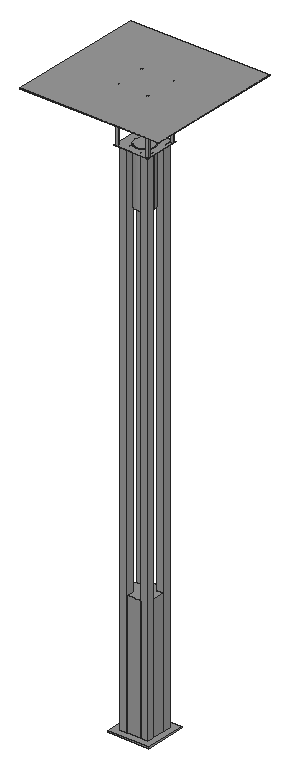
Revit family "svetilnik_alfresco_solyaris-5", category Осветительные приборы, Revit 2016
Family settings
  Тип детали = Нормальный
  Размер круглого соединителя = Использовать диаметр
  На основе рабочей плоскости = Нет
  Всегда вертикально = Да
  При загрузке вырезать с полостями = Нет
  Источник света = Да
  Общий = Нет
  Точка расчета площади = Нет
Parameters (values of type "Солярис-5-LED9-70Вт")
  Watermarked By = ""
  built-in parameter 1150104 = 8.3613 (stored number, unit not read)
  Цветовая температура = "4000"  # constant formula
  built-in parameter 1150134 = 12
  Файл фотометрической сетки = "прожектор для Солярис 5 LED 10W.ies"
  Угол наклона = 90.00°
  Тип светильника = Солярис5 : 70Вт
  Тип продукции = "Уличный светильник"  # constant formula
  Тип ПРА = "ЭМПРА"  # constant formula
  Тип КСС = "Sym"  # constant formula
  Тип ИС = "МГЛ-лампа"  # constant formula
  Температура эксплуатации = "-35 +40"  # constant formula
  built-in parameter 1150137 = (empty or 0)
  built-in parameter 1150132 = (empty or 0)
  built-in parameter 1150114 = 1 (stored number, unit not read)
  Dimming Lamp Color Temperature Shift = (empty or 0)
  built-in parameter 1150105 = 4827 (stored number, unit not read)
  Color Filter = 16777215
  Lumens = 900 lm
  Световой поток = 6300 lm
  Разработано = "support@bimlib.ru"  # constant formula
  built-in parameter 1150109 = 1 (stored number, unit not read)
  built-in parameter 1150112 = 1 (stored number, unit not read)
  built-in parameter 1150110 = 1 (stored number, unit not read)
  built-in parameter 1150113 = 1 (stored number, unit not read)
  built-in parameter 1150115 = 1 (stored number, unit not read)
  built-in parameter 1114218 = 1 (stored number, unit not read)
  built-in parameter 1114217 = 1 (stored number, unit not read)
  Apparent Load = ADSK_Номинальная мощность / ADSK_Коэффициент мощности  # 72.1649 VA
  built-in parameter 1150106 = 48.27 (stored number, unit not read)
  Область использования = "Ландшафт, коттедж.поселки,микрорайоны,АЗС, автостоянки"  # constant formula
  built-in parameter 1150142 = "IESNA:LM-63-1995\r\n[TEST] 1\r\n[MANUFAC] Alfresco\r\n[LUMCAT] Солярис 5\r\n[LUMINAIRE]  LED 10W\r\nTILT=NONE\r\n1 765 1 37 1 1 2 0.15 0.15 0.15\r\n1.00 1.00 9\r\n0.00 5.00 10.00 15.00 20.00 25.00 30.00 35.00 40.00 45.00 \r\n50.00 55.00 60.00 65.00 70.00 75.00 80.00 85.00 90.00 \r\n95.00 100.00 105.00 110.00 115.00 120.00 125.00 130.00 \r\n135.00 140.00 145.00 150.00 155.00 160.00 165.00 170.00 \r\n175.00 180.00 \r\n0.00 \r\n4102.92 4044.33 3619.28 2941.46 2186.13 1547.65 1106.62 \r\n814.20 596.26 443.43 304.92 163.37 61.49 28.47 13.52 6.89 \r\n3.07 0.99 0.00 0.00 0.00 0.00 0.00 0.00 0.00 0.00 0.00 \r\n0.00 0.00 0.00 0.00 0.00 0.00 0.00 0.00 0.00 0.00 \r\n"
  built-in parameter 1150133 = 10 (stored number, unit not read)
  Wattage = 10 W
  built-in parameter 1150139 = (empty or 0)
  Климатическая зона = "У1"  # constant formula
  Класс пожароопасности = "F (светильники предназначены для установки непосредственно на поверхность из нормально воспламеняемых матеоиалов)"  # constant formula
  Класс Защиты = "1"  # constant formula
  built-in parameter 1150138 = (empty or 0)
  built-in parameter 1150107 = 4000 (stored number, unit not read)
  built-in parameter 1150102 = (empty or 0)
  Emit from Circle Diameter = 120.00 mm
  Изготовитель = "ALFRESCO"  # constant formula
  Видимая форма излучения при визуализации = no
  Блок аварийного питания = no
  URL = "http://www.allfresco.ru/item/103"
  IP Class = "IP 54"  # constant formula
  ADSK_Энергоэффективность = 90 lm/W  # constant formula
  ADSK_Ток = ADSK_Номинальная мощность / (ADSK_Коэффициент мощности * ADSK_Напряжение * sqrt(ADSK_Количество фаз числовое))  # 0.231947 A
  ADSK_Размер_Ширина = 1000.00 mm
  ADSK_Размер_Длина = 1000.00 mm
  ADSK_Размер_Высота = 4200.00 mm  # constant formula
  ADSK_Примечание [instance] = ""
  ADSK_Полная мощность = ADSK_Номинальная мощность / ADSK_Коэффициент мощности  # 72.1649 VA
  ADSK_Позиция [instance] = ""
  ADSK_Номинальная мощность = 70 W
  ADSK_Напряжение = 220 V
  ADSK_Наименование = "Светильник уличный Солярис-5-LED9 (70Вт)"
  ADSK_Модель = "Солярис 5"  # constant formula
  ADSK_Масса = 111
  ADSK_Коэффициент мощности = 0.97  # constant formula
  ADSK_Количество фаз числовое = 2
  ADSK_Количество фаз = 2
  ADSK_Код изделия = ""
  ADSK_Классификация нагрузок = Освещение
  ADSK_Завод-изготовитель [instance] = "ALFRESCO"
  ADSK_Единица измерения = "шт"  # constant formula
  ADSK_Артикул = "СЛС52"
Types (3, lengths in mm): name | Тип светильника | Световой поток | Apparent Load | ADSK_Ток | ADSK_Полная мощность | ADSK_Номинальная мощность | ADSK_Наименование
  (no name) | Солярис5 : 70Вт | 6300 lm | 72.1649 VA | 0.231947 A | 72.1649 VA | 70 W | "Светильник уличный Солярис-5-LED9 (70Вт)"
  Солярис-5-LED9-150Вт | Солярис5 : 150Вт | 13500 lm | 154.639 VA | 0.497029 A | 154.639 VA | 150 W | "Светильник уличный Солярис-5-LED9 (150Вт)"
  Солярис-5-LED9-70Вт | Солярис5 : 70Вт | 6300 lm | 72.1649 VA | 0.231947 A | 72.1649 VA | 70 W | "Светильник уличный Солярис-5-LED9 (70Вт)"
Reference planes
  plane 1 "По центру (Вперед/Назад)": y = 0
  plane 2: z = 0
  plane 3 "По центру (Влево/Вправо)": x = 0
  plane 4: z = 3800
  plane 5: z = 3397
Forms (mm)
  Extrusion 1, solid, material "Сталь, окрашенная, черная", detail levels medium+fine
    sketch origin (0, 0, 0) x (1, 0, 0) y (0, 1, 0)
      loop
        line (-150, 150) -> (-150, -150) -> (150, -150) -> (150, 150) -> (-150, 150)
    from 0 to 10
  Extrusion 2, solid, material "Сталь, окрашенная, черная", detail levels medium+fine
    sketch origin (0, 0, 0) x (1, 0, 0) y (0, 1, 0)
      loop
        line (-50, 98) -> (-50, 50) -> (-98, 50) -> (-98, -50) -> (-50, -50) -> (-50, -98) -> (50, -98) -> (50, -50) -> (98, -50) -> (98, 50) -> (50, 50) -> (50, 98) -> (-50, 98)
    from 0 to 900
  Extrusion 3, solid, material "Сталь, окрашенная, черная", detail levels medium+fine
    sketch origin (0, 0, 0) x (1, 0, 0) y (0, 1, 0)
      loop
        circle (0, 0) r 70.711
    from 3397 to 3800
  Extrusion 4, solid, material "Сталь, окрашенная, черная", detail levels medium+fine
    sketch origin (1839.148, -1524, 1600) x (0, -1, 0) y (-1, 0, 0)
      loop
        line (-1624, 1939.148) -> (-1624, 1889.148) -> (-1574, 1889.148) -> (-1574, 1939.148) -> (-1624, 1939.148)
      loop
        line (-1624, 1789.148) -> (-1624, 1739.148) -> (-1574, 1739.148) -> (-1574, 1789.148) -> (-1624, 1789.148)
      loop
        line (-1474, 1789.148) -> (-1474, 1739.148) -> (-1424, 1739.148) -> (-1424, 1789.148) -> (-1474, 1789.148)
      loop
        line (-1474, 1939.148) -> (-1474, 1889.148) -> (-1424, 1889.148) -> (-1424, 1939.148) -> (-1474, 1939.148)
    from 1600 to -2200
  Extrusion 5, solid, material "Сталь, окрашенная, черная", detail levels medium+fine
    sketch origin (-50, -1524, 3800) x (-1, 0, 0) y (0, -1, 0)
      loop
        line (75, -1649) -> (75, -1399) -> (-175, -1399) -> (-175, -1649) -> (75, -1649)
    from 0 to -3
  Extrusion 6, solid, material "Плафон самосвечение, непрозрачный", detail levels medium+fine
    sketch origin (5.5, 0, 3397) x (-0.707107, -0.707107, 0) y (0.707107, -0.707107, 0)
      loop
        circle (3.889, -3.889) r 60
    from 0 to -1
Cuts and joins
  joined: Extrusion 4, Extrusion 5
Lines and regions (mm)
  symbolic lines, style "LightingFixtures"
    curve 1: circle (0, 0, 0) r 250 normal (0, 0, 1)
    curve 2: line (-120, 219.317, 0) -> (-120, -219.317, 0)
    curve 3: line (120, 219.317, 0) -> (120, -219.317, 0)
  model lines, detail levels coarse
    curve 4: line (0, 0, 0) -> (0, 0, 4200)
    curve 5: line (500, 500, 4200) -> (500, -500, 4200)
    curve 6: line (-500, 500, 4200) -> (500, 500, 4200)
    curve 7: line (-500, -500, 4200) -> (-500, 500, 4200)
    curve 8: line (500, -500, 4200) -> (-500, -500, 4200)
Dimensions and locks
  plane 4 to plane 2 = 3800.00 mm
  "ADSK_Размер_Высота": nested 1 to level
  aligned and locked: level to plane 2
  aligned and locked: Extrusion 2 to level
  aligned and locked: Extrusion 1 to level
  aligned and locked: plane 4 to Extrusion 3
  aligned and locked: Extrusion 3 to plane 5
  aligned and locked: plane 5 to imposter light
  aligned and locked: Extrusion 4 to level
  aligned and locked: plane 4 to Extrusion 4
  aligned and locked: plane 3 "По центру (Влево/Вправо)" to nested 1
  aligned and locked: nested 1 to plane 4
  aligned and locked: plane 1 "По центру (Вперед/Назад)" to nested 1
Automatic sketch dimensions
  plane 1 "По центру (Вперед/Назад)" to curve 1 = 0.00 mm
  curve 1 to plane 3 "По центру (Влево/Вправо)" = 0.00 mm
  curve 2 to plane 3 "По центру (Влево/Вправо)" = 120.00 mm
  plane 3 "По центру (Влево/Вправо)" to curve 3 = 120.00 mm
  plane 1 "По центру (Вперед/Назад)" to curve 2 = 219.317 mm
  Extrusion 1 sketch curve to plane 3 "По центру (Влево/Вправо)" = 150.00 mm
  plane 3 "По центру (Влево/Вправо)" to Extrusion 1 sketch curve = 150.00 mm
  plane 1 "По центру (Вперед/Назад)" to Extrusion 1 sketch curve = 150.00 mm
  Extrusion 1 sketch curve to plane 1 "По центру (Вперед/Назад)" = 150.00 mm
  Extrusion 2 sketch curve to plane 3 "По центру (Влево/Вправо)" = 98.00 mm
  Extrusion 2 sketch curve to plane 3 "По центру (Влево/Вправо)" = 50.00 mm  (x2)
  plane 3 "По центру (Влево/Вправо)" to Extrusion 2 sketch curve = 50.00 mm  (x2)
  Extrusion 2 sketch curve to Extrusion 2 sketch curve = 48.00 mm  (x2)
  plane 1 "По центру (Вперед/Назад)" to Extrusion 2 sketch curve = 98.00 mm
  plane 1 "По центру (Вперед/Назад)" to Extrusion 2 sketch curve = 50.00 mm  (x2)
  Extrusion 2 sketch curve to plane 1 "По центру (Вперед/Назад)" = 50.00 mm  (x2)
  plane 1 "По центру (Вперед/Назад)" to Extrusion 3 sketch curve = 0.00 mm
  Extrusion 3 sketch curve to plane 3 "По центру (Влево/Вправо)" = 0.00 mm
  Extrusion 4 sketch curve to plane 1 "По центру (Вперед/Назад)" = 100.00 mm  (x2)
  Extrusion 4 sketch curve to Extrusion 4 sketch curve = 50.00 mm  (x5)
  Extrusion 4 sketch curve to plane 1 "По центру (Вперед/Назад)" = 50.00 mm
  plane 1 "По центру (Вперед/Назад)" to Extrusion 4 sketch curve = 50.00 mm  (x2)
  Extrusion 4 sketch curve to plane 3 "По центру (Влево/Вправо)" = 100.00 mm  (x2)
  Extrusion 4 sketch curve to plane 3 "По центру (Влево/Вправо)" = 50.00 mm  (x2)
  plane 3 "По центру (Влево/Вправо)" to Extrusion 4 sketch curve = 50.00 mm  (x2)
  plane 3 "По центру (Влево/Вправо)" to Extrusion 5 sketch curve = 125.00 mm
  Extrusion 5 sketch curve to plane 3 "По центру (Влево/Вправо)" = 125.00 mm
  Extrusion 5 sketch curve to plane 1 "По центру (Вперед/Назад)" = 125.00 mm
  plane 1 "По центру (Вперед/Назад)" to Extrusion 5 sketch curve = 125.00 mm
  plane 1 "По центру (Вперед/Назад)" to Extrusion 6 sketch curve = 0.00 mm
  Extrusion 6 sketch curve to plane 3 "По центру (Влево/Вправо)" = 0.00 mm
  curve 4 to plane 3 "По центру (Влево/Вправо)" = 0.00 mm
  curve 4 to level = 0.00 mm
  plane 4 to curve 4 = 400.00 mm
  nested 1 to curve 5 = 0.00 mm
  curve 7 to nested 1 = 0.00 mm  (x2)
  curve 5 to nested 1 = 0.00 mm
  radius of Extrusion 3 sketch curve = 70.711 mm
  radius of Extrusion 6 sketch curve = 60.00 mm
Nested families
  nested 1: "Солярис5" at (0, 0, 3800), type <- "Тип светильника", type "70Вт", detail levels medium+fine
Connectors
  electrical at (0, 0, 0), driven by "ADSK_Количество фаз", driven by "ADSK_Классификация нагрузок", driven by "ADSK_Напряжение", driven by "Apparent Load", driven by "ADSK_Коэффициент мощности"
    settings: on Extrusion 2, index 1, voltage 220 V, apparent load 72.1649 VA, apparent load phase1 0 VA, apparent load phase2 0 VA, apparent load phase3 0 VA, power factor 0.97, load classification "Освещение", number of poles 2, system type 30, power factor state 1, is connector primary yes, connector utility no, sub classification motor no, connector description ""
Definition of nested family "Солярис5"
  Parameters (values of type "70Вт")
    Emit from Rectangle Width = 1000.00 mm  # constant formula
    Emit from Rectangle Length = 1000.00 mm  # constant formula
    Watermarked By = ""
    Type Comments = "﻿﻿﻿                          ​       ​     ​         ﻿ ﻿ ﻿ ﻿     ﻿ ﻿                        ​ ﻿         ​                             ​     ​ ​       ​  ﻿﻿﻿"
    Keynote = "﻿﻿﻿                          ​       ​     ​         ﻿ ﻿ ﻿ ﻿     ﻿ ﻿                        ​ ﻿         ​                             ​     ​ ​       ​  ﻿﻿﻿"
    built-in parameter 1150104 = 13.8 (stored number, unit not read)
    built-in parameter 1150134 = 12
    Photometric Web File = "Солярис-5 HCI-T 70Вт.ies"
    Tilt Angle = 90.00°
    built-in parameter 1150137 = (empty or 0)
    built-in parameter 1150132 = 2
    built-in parameter 1150114 = 1 (stored number, unit not read)
    Dimming Lamp Color Temperature Shift = (empty or 0)
    built-in parameter 1150105 = 501.34 (stored number, unit not read)
    Description = "﻿﻿﻿                          ​       ​     ​         ﻿ ﻿ ﻿ ﻿     ﻿ ﻿                        ​ ﻿         ​                             ​     ​ ​       ​  ﻿﻿﻿"
    Color Filter = 16777215
    Lumens = 6300 lm
    built-in parameter 1150109 = 1 (stored number, unit not read)
    built-in parameter 1150112 = 1 (stored number, unit not read)
    built-in parameter 1150110 = 1 (stored number, unit not read)
    built-in parameter 1150113 = 1 (stored number, unit not read)
    built-in parameter 1150115 = 1 (stored number, unit not read)
    built-in parameter 1114218 = 1 (stored number, unit not read)
    built-in parameter 1114217 = 1 (stored number, unit not read)
    built-in parameter 1150106 = 5.0134 (stored number, unit not read)
    built-in parameter 1150142 = "IESNA:LM-63-1995\r\n[TEST] 1\r\n[MANUFAC] Alfresco\r\n[LUMCAT] Солярис 5  \r\n[LAMPCAT] OSRAM HCI-T\r\n[LAMP] МГЛ 70Вт\r\nTILT=NONE\r\n1 5950 1 73 1 1 2 1 1 0.1\r\n1 1 70\r\n0 2.5 5 7.5 10 12.5 15 17.5 20 22.5 25 27.5 30 32.5 35 37.5 40 42.5 45 47.5 50 52.5 55 57.5 60 62.5 65 67.5 70 72.5 75 77.5 80 82.5 85 87.5 90 92.5 95 97.5 100 102.5 105 107.5 110 112.5 115 117.5 120 122.5 125 127.5 130 132.5 135 137.5 140 142.5 145 147.5\r\n 150 152.5 155 157.5 160 162.5 165 167.5 170 172.5 175 177.5 180\r\n0\r\n202.20 215.60 258.20 331.50 435.60 565.20 702.80 836.80 950.10 1028.00 1071.30 1086.10 1082.60 1066.90 1043.70 1016.80 986.50 954.80 923.20 891.90 859.10 825.70 793.00 760.70 726.90 690.10 649.50 602.80 550.70 494.50 437.70 384.20 335.60 294.00 256.10 \r\n220.20 186.80 156.40 128.00 102.40 77.50 53.90 40.70 34.70 37.70 41.30 44.90 48.90 53.30 58.80 64.30 70.80 78.30 81.00 74.00 53.10 30.00 7.60 1.90 0.90 0.90 0.90 0.90 0.90 0.70 0.40 0.30 0.30 0.30 0.30 0.40 0.40 0.40\r\n"
    built-in parameter 1150133 = 10 (stored number, unit not read)
    Wattage = 42.4123 W
    built-in parameter 1150139 = (empty or 0)
    built-in parameter 1150138 = (empty or 0)
    built-in parameter 1150107 = 4000 (stored number, unit not read)
    built-in parameter 1150102 = (empty or 0)
    Emit Shape Visible in Rendering = no
    Assembly Code = "﻿﻿﻿                          ​       ​     ​         ﻿ ﻿ ﻿ ﻿     ﻿ ﻿                        ​ ﻿         ​                             ​     ​ ​       ​  ﻿﻿﻿"
  Types (2, lengths in mm): name | Photometric Web File | built-in parameter 1150105 | Lumens | built-in parameter 1150106 | built-in parameter 1150142 | Wattage
    70Вт | "Солярис-5 HCI-T 70Вт.ies" | 501.34 (stored number, unit not read) | 6300 lm | 5.0134 (stored number, unit not read) | "IESNA:LM-63-1995\r\n[TEST] 1\r\n[MANUFAC] Alfresco\r\n[LUMCAT] Солярис 5  \r\n[LAMPCAT] OSRAM HCI-T\r\n[LAMP] МГЛ 70Вт\r\nTILT=NONE\r\n1 5950 1 73 1 1 2 1 1 0.1\r\n1 1 70\r\n0 2.5 5 7.5 10 12.5 15 17.5 20 22.5 25 27.5 30 32.5 35 37.5 40 42.5 45 47.5 50 52.5 55 57.5 60 62.5 65 67.5 70 72.5 75 77.5 80 82.5 85 87.5 90 92.5 95 97.5 100 102.5 105 107.5 110 112.5 115 117.5 120 122.5 125 127.5 130 132.5 135 137.5 140 142.5 145 147.5\r\n 150 152.5 155 157.5 160 162.5 165 167.5 170 172.5 175 177.5 180\r\n0\r\n202.20 215.60 258.20 331.50 435.60 565.20 702.80 836.80 950.10 1028.00 1071.30 1086.10 1082.60 1066.90 1043.70 1016.80 986.50 954.80 923.20 891.90 859.10 825.70 793.00 760.70 726.90 690.10 649.50 602.80 550.70 494.50 437.70 384.20 335.60 294.00 256.10 \r\n220.20 186.80 156.40 128.00 102.40 77.50 53.90 40.70 34.70 37.70 41.30 44.90 48.90 53.30 58.80 64.30 70.80 78.30 81.00 74.00 53.10 30.00 7.60 1.90 0.90 0.90 0.90 0.90 0.90 0.70 0.40 0.30 0.30 0.30 0.30 0.40 0.40 0.40\r\n" | 42.4123 W
    150Вт | "Солярис-5 HCI-T 150Вт.ies" | 1074.3 (stored number, unit not read) | 13500 lm | 10.743 (stored number, unit not read) | "IESNA:LM-63-1995\r\n[TEST] 1\r\n[MANUFAC] Alfresco\r\n[LUMCAT] Солярис 5  \r\n[LAMPCAT] OSRAM HCI-T\r\n[LAMP] МГЛ 150Вт\r\nTILT=NONE\r\n1 12750 1 73 1 1 2 1 1 0.1\r\n1 1 150\r\n0 2.5 5 7.5 10 12.5 15 17.5 20 22.5 25 27.5 30 32.5 35 37.5 40 42.5 45 47.5 50 52.5 55 57.5 60 62.5 65 67.5 70 72.5 75 77.5 80 82.5 85 87.5 90 92.5 95 97.5 100 102.5 105 107.5 110 112.5 115 117.5 120 122.5 125 127.5 130 132.5 135 137.5 140 142.5 145 147.5\r\n 150 152.5 155 157.5 160 162.5 165 167.5 170 172.5 175 177.5 180\r\n0\r\n202.20 215.60 258.20 331.50 435.60 565.20 702.80 836.80 950.10 1028.00 1071.30 1086.10 1082.60 1066.90 1043.70 1016.80 986.50 954.80 923.20 891.90 859.10 825.70 793.00 760.70 726.90 690.10 649.50 602.80 550.70 494.50 437.70 384.20 335.60 294.00 256.10 \r\n220.20 186.80 156.40 128.00 102.40 77.50 53.90 40.70 34.70 37.70 41.30 44.90 48.90 53.30 58.80 64.30 70.80 78.30 81.00 74.00 53.10 30.00 7.60 1.90 0.90 0.90 0.90 0.90 0.90 0.70 0.40 0.30 0.30 0.30 0.30 0.40 0.40 0.40\r\n" | 90.8834 W
  Reference planes
    plane 1 "По центру (Вперед/Назад)": y = 0
    plane 2: z = 0
    plane 3 "По центру (Влево/Вправо)": x = 0
  Forms (mm)
    Extrusion 1, solid
      sketch origin (0, 0, 0) x (1, 0, 0) y (0, 1, 0)
        loop
          circle (110, 110) r 10
        loop
          circle (-110, 110) r 10
        loop
          circle (110, -110) r 10
        loop
          circle (-110, -110) r 10
      from 0 to 400
    Extrusion 2, solid
      sketch origin (0, 0, 400) x (1, 0, 0) y (0, 1, 0)
        loop
          line (-500, 500) -> (-500, -500) -> (500, -500) -> (500, 500) -> (-500, 500)
      from 0 to -5
    Extrusion 3, solid
      sketch origin (0, 0, 395) x (0, 1, 0) y (1, 0, 0)
        loop
          line (500, -500) -> (500, 500) -> (-500, 500) -> (-500, -500) -> (500, -500)
      from 0 to 1
  Cuts and joins
    joined: Extrusion 1, Extrusion 2
  Dimensions and locks
    aligned and locked: level to plane 2
    aligned and locked: plane 3 "По центру (Влево/Вправо)" to imposter light
    aligned and locked: plane 1 "По центру (Вперед/Назад)" to imposter light
